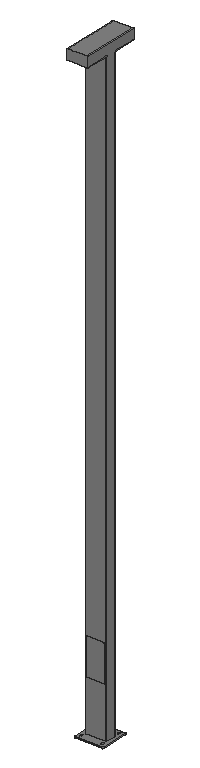
Revit family "Супремус В", category Осветительные приборы, Revit 2019 (continued)
Parameters (values of type "ДТУ121с10 Светодиодный светильник Супремус-B ДТУ-121-AF-ДТУП1212(60Вт)+ДТУП1212(60Вт)-6,0")
    11.4 209.0 206.5 203.6 200.6 197.6 194.5 191.5 188.3 185.1 181.9 178.6 175.4 171.7 167.9 164.1 160.3\r\n 157.0 153.7 150.5 147.5 144.5 141.6 138.7 135.8 133.1 130.7 128.9 127.4 126.3 124.5 122.6 120.8 119.4 117.7 115.8 113.8 111.8\r\n 109.5 107.1 104.6 102.1 99.7 97.4 95.1 92.7 90.3 87.8 85.5 83.3 81.3 79.2 77.1 75.0 73.0 71.0 69.0 67.0 65.2 63.2 61.2 59.1 57.1\r\n 55.1 53.0 51.0 49.2 47.5 46.0 44.6 43.3 42.0 40.8 39.9 39.1 38.3 37.6 37.1 36.7 36.5 36.3 36.0 35.7 35.2 34.6 34.1 33.7 33.4 33.4\r\n 33.6 34.1 33.9 32.6 31.7 30.9 30.3 29.9 29.4 28.7 28.0 27.5 27.1 26.8 26.9 27.3 28.1 28.9 30.1 32.0 34.5 37.0 39.1 40.8 41.2 42.0\r\n 42.7 42.8 42.6 41.8 41.0 40.2 39.3 38.3 37.3 36.3 35.4 35.4 35.9 35.3 34.7 33.9 33.8 33.5 33.0 32.0 31.2 29.9 28.3 26.9 25.6 24.7\r\n 23.8 23.0 22.0 21.1 20.2 19.2 18.1 16.7 14.9 13.3 12.3 11.2 10.0 8.9 8.1 7.5 6.9 6.5 6.6 6.1 5.8 5.8 5.3 5.3 4.3 3.9 3.8 3.6 3.7\r\n 3.7 3.4 3.2 2.3 2.1 1.8 0.0 0.0 0.0 0.0 0.0 0.0 0.0 0.0 0.0 0.0 0.0 0.0 0.0 0.0 0.0 0.0 0.0 0.0 0.0 0.0 0.0 0.0 0.0 0.0 0.0 0.0\r\n 0.0 0.0 0.0 0.0 0.0 0.0 0.0 0.0 0.0 0.0 0.0 0.0 0.0 0.0 0.0 0.0 0.0 0.0 0.0 0.0 0.0 0.0 0.0 0.0 0.0 0.0 0.0 0.0 0.0 0.0 0.0 0.0\r\n 0.0 0.0 0.0 0.0 0.0 0.0 0.0 0.0 0.0 0.0 0.0 0.0 0.0 0.0 0.0 0.0 0.0 0.0 0.0 0.0 0.0 0.0 0.0 0.0 0.0 0.0 0.0 0.0 0.0 0.0 0.0 0.0\r\n 0.0 0.0 0.0 0.0 0.0 0.0 0.0 0.0 0.0 0.0 0.0 0.0 0.0 0.0 0.0 0.0 0.0 0.0 0.0 0.0 0.0 0.0 0.0 0.0 0.0 0.0 0.0 0.0 0.0 0.0 0.0 0.0\r\n 0.0 0.0 0.0 0.0 0.0 0.0 0.0 0.0 0.0 0.0 0.0 0.0 0.0 0.0 0.0 0.0 0.0 0.0 0.0 0.0 0.0 0.0 0.0 0.0 0.0 0.0 0.0 0.0 0.0 0.0 0.0 0.0\r\n 0.0 0.0 0.0 0.0 0.0 0.0\r\n275.6 274.0 272.1 270.3 268.4 266.6 264.6 262.9 261.0 259.1 257.1 254.9 252.7 250.4 248.0 245.7 243.1 240.2 237.2 234.1 230.9\r\n 227.5 224.1 221.0 218.1 215.2 212.5 210.1 207.6 205.1 202.5 199.5 196.8 194.1 191.3 188.5 185.6 182.6 179.7 176.8 173.7 170.4\r\n 167.1 163.7 160.4 157.2 154.4 151.6 149.0 146.4 143.9 141.5 139.1 136.7 134.5 132.4 130.5 129.1 127.6 126.3 125.0 123.7 122.2\r\n 120.7 119.1 117.3 115.4 113.4 111.3 109.2 107.0 104.7 102.5 100.4 98.3 96.1 93.9 91.6 89.3 87.0 84.8 82.6 80.5 78.5 76.6 74.8\r\n 73.0 71.3 69.4 67.4 65.5 63.7 61.8 60.1 58.4 56.6 54.7 53.1 51.6 50.4 49.3 48.3 47.3 46.3 45.5 45.1 44.6 44.0 43.7 43.2 42.7 42.4\r\n 41.9 41.5 41.0 40.5 40.5 40.8 41.1 40.8 40.2 39.6 38.9 38.4 38.0 37.7 37.4 37.1 36.7 36.3 36.0 35.9 36.1 36.5 37.0 37.5 38.7 40.3\r\n 41.7 42.9 43.7 45.3 47.0 48.8 49.4 49.4 49.3 48.6 47.4 46.0 44.8 43.9 42.8 41.3 40.0 38.5 37.7 37.3 36.5 35.8 34.9 33.8 32.3 30.4\r\n 28.6 26.8 25.2 23.6 22.1 20.8 19.6 18.4 17.2 16.0 14.3 12.4 11.0 9.8 8.5 7.3 6.5 6.0 5.5 5.1 4.9 4.9 4.8 4.7 4.4 4.0 3.5 3.3 3.2\r\n 3.2 3.0 2.9 2.7 2.1 2.0 1.7 1.5 0.0 0.0 0.0 0.0 0.0 0.0 0.0 0.0 0.0 0.0 0.0 0.0 0.0 0.0 0.0 0.0 0.0 0.0 0.0 0.0 0.0 0.0 0.0 0.0\r\n 0.0 0.0 0.0 0.0 0.0 0.0 0.0 0.0 0.0 0.0 0.0 0.0 0.0 0.0 0.0 0.0 0.0 0.0 0.0 0.0 0.0 0.0 0.0 0.0 0.0 0.0 0.0 0.0 0.0 0.0 0.0 0.0\r\n 0.0 0.0 0.0 0.0 0.0 0.0 0.0 0.0 0.0 0.0 0.0 0.0 0.0 0.0 0.0 0.0 0.0 0.0 0.0 0.0 0.0 0.0 0.0 0.0 0.0 0.0 0.0 0.0 0.0 0.0 0.0 0.0\r\n 0.0 0.0 0.0 0.0 0.0 0.0 0.0 0.0 0.0 0.0 0.0 0.0 0.0 0.0 0.0 0.0 0.0 0.0 0.0 0.0 0.0 0.0 0.0 0.0 0.0 0.0 0.0 0.0 0.0 0.0 0.0 0.0\r\n 0.0 0.0 0.0 0.0 0.0 0.0 0.0 0.0 0.0 0.0 0.0 0.0 0.0 0.0 0.0 0.0 0.0 0.0 0.0 0.0 0.0 0.0 0.0 0.0 0.0 0.0 0.0 0.0 0.0 0.0 0.0 0.0\r\n 0.0 0.0 0.0 0.0 0.0 0.0 0.0 0.0\r\n275.6 274.1 272.5 270.6 269.1 267.3 265.5 264.1 262.1 260.4 258.7 256.7 254.6 252.5 250.2 248.0 245.9 243.5 241.0 238.4 235.6\r\n 232.7 229.7 226.6 223.5 220.5 217.8 215.0 212.3 209.8 207.4 205.1 202.8 200.4 197.9 195.4 193.0 190.5 188.1 185.7 183.1 180.5\r\n 177.9 175.1 172.5 169.8 167.1 164.3 161.6 158.9 156.3 153.9 151.7 149.6 147.9 146.2 144.6 142.7 141.1 139.4 137.8 136.4 134.8\r\n 133.4 132.3 131.1 129.6 128.1 126.7 125.0 123.3 121.8 120.0 118.2 116.4 114.5 112.6 110.8 109.1 107.4 105.8 104.2 102.6 101.0\r\n 99.4 97.8 96.1 94.5 92.6 90.8 89.1 87.3 85.7 84.1 82.3 80.6 79.0 77.5 76.1 74.8 73.5 72.4 71.5 70.4 69.1 68.2 67.1 66.2 65.2 64.3\r\n 63.5 62.8 62.0 61.3 60.8 60.4 60.2 60.0 59.7 59.5 59.3 58.8 58.6 58.4 57.8 57.2 56.7 56.2 55.7 55.2 54.5 53.9 53.3 53.0 52.7 52.5\r\n 52.5 52.4 52.3 52.4 52.9 53.4 53.9 54.8 56.1 57.5 58.5 59.5 60.3 61.2 61.2 61.1 60.8 60.0 58.4 55.4 52.5 50.2 48.1 45.9 43.5 40.9\r\n 38.5 36.2 33.8 31.6 29.6 27.6 25.6 23.7 21.8 19.9 18.4 17.0 15.5 14.0 11.9 9.9 8.8 7.7 6.9 6.1 5.5 5.1 4.7 4.5 4.7 4.7 4.3 3.7\r\n 3.3 3.0 3.2 3.0 2.7 2.4 2.0 1.9 1.6 1.4 1.3 0.0 0.0 0.0 0.0 0.0 0.0 0.0 0.0 0.0 0.0 0.0 0.0 0.0 0.0 0.0 0.0 0.0 0.0 0.0 0.0 0.0\r\n 0.0 0.0 0.0 0.0 0.0 0.0 0.0 0.0 0.0 0.0 0.0 0.0 0.0 0.0 0.0 0.0 0.0 0.0 0.0 0.0 0.0 0.0 0.0 0.0 0.0 0.0 0.0 0.0 0.0 0.0 0.0 0.0\r\n 0.0 0.0 0.0 0.0 0.0 0.0 0.0 0.0 0.0 0.0 0.0 0.0 0.0 0.0 0.0 0.0 0.0 0.0 0.0 0.0 0.0 0.0 0.0 0.0 0.0 0.0 0.0 0.0 0.0 0.0 0.0 0.0\r\n 0.0 0.0 0.0 0.0 0.0 0.0 0.0 0.0 0.0 0.0 0.0 0.0 0.0 0.0 0.0 0.0 0.0 0.0 0.0 0.0 0.0 0.0 0.0 0.0 0.0 0.0 0.0 0.0 0.0 0.0 0.0 0.0\r\n 0.0 0.0 0.0 0.0 0.0 0.0 0.0 0.0 0.0 0.0 0.0 0.0 0.0 0.0 0.0 0.0 0.0 0.0 0.0 0.0 0.0 0.0 0.0 0.0 0.0 0.0 0.0 0.0 0.0 0.0 0.0 0.0\r\n 0.0 0.0 0.0 0.0 0.0 0.0 0.0 0.0 0.0 0.0 0.0\r\n275.6 274.2 272.7 271.1 269.7 268.1 266.5 264.9 263.4 261.7 260.1 258.5 256.5 254.6 252.6 250.5 248.5 246.5 244.4 242.2 239.9\r\n 237.4 234.9 232.2 229.4 226.6 223.8 221.1 218.4 215.8 213.2 210.8 208.5 206.2 204.1 201.9 199.9 197.7 195.3 193.2 191.2 188.9\r\n 187.1 185.2 183.2 181.2 179.1 177.0 174.9 173.0 171.0 169.2 167.5 165.7 164.0 162.3 160.8 159.3 157.9 156.6 155.2 154.2 153.1\r\n 151.8 150.5 149.3 148.0 146.6 145.1 143.4 141.6 139.9 138.2 136.8 135.5 134.4 133.3 132.3 131.3 130.1 129.0 127.8 126.6 125.2\r\n 123.8 122.4 121.0 119.6 118.2 116.8 115.6 114.6 113.1 111.9 110.5 109.6 108.3 107.1 106.2 105.5 104.5 103.3 102.3 101.4 100.4\r\n 99.3 98.1 97.1 95.9 94.8 93.8 92.9 92.0 91.4 90.7 90.2 89.6 89.1 88.5 88.0 87.8 87.5 87.4 87.5 87.2 86.8 86.9 86.5 85.9 85.5 85.1\r\n 84.8 84.5 84.2 83.8 83.3 82.6 82.2 81.9 81.3 80.9 80.7 80.1 79.8 79.5 79.2 78.0 76.8 75.6 74.2 72.3 69.7 67.1 63.8 60.6 55.9 50.9\r\n 46.6 42.4 38.5 35.5 33.1 30.8 29.0 27.5 26.3 25.4 24.4 23.6 22.7 21.6 20.7 20.0 19.0 18.1 16.9 15.5 13.4 11.1 9.5 7.9 6.8 6.0 5.3\r\n 4.7 4.2 3.8 3.4 3.4 3.2 3.3 2.9 2.8 2.6 2.3 2.0 1.7 1.5 1.4 1.2 1.2 0.0 0.0 0.0 0.0 0.0 0.0 0.0 0.0 0.0 0.0 0.0 0.0 0.0 0.0 0.0\r\n 0.0 0.0 0.0 0.0 0.0 0.0 0.0 0.0 0.0 0.0 0.0 0.0 0.0 0.0 0.0 0.0 0.0 0.0 0.0 0.0 0.0 0.0 0.0 0.0 0.0 0.0 0.0 0.0 0.0 0.0 0.0 0.0\r\n 0.0 0.0 0.0 0.0 0.0 0.0 0.0 0.0 0.0 0.0 0.0 0.0 0.0 0.0 0.0 0.0 0.0 0.0 0.0 0.0 0.0 0.0 0.0 0.0 0.0 0.0 0.0 0.0 0.0 0.0 0.0 0.0\r\n 0.0 0.0 0.0 0.0 0.0 0.0 0.0 0.0 0.0 0.0 0.0 0.0 0.0 0.0 0.0 0.0 0.0 0.0 0.0 0.0 0.0 0.0 0.0 0.0 0.0 0.0 0.0 0.0 0.0 0.0 0.0 0.0\r\n 0.0 0.0 0.0 0.0 0.0 0.0 0.0 0.0 0.0 0.0 0.0 0.0 0.0 0.0 0.0 0.0 0.0 0.0 0.0 0.0 0.0 0.0 0.0 0.0 0.0 0.0 0.0 0.0 0.0 0.0 0.0 0.0\r\n 0.0 0.0 0.0 0.0 0.0 0.0 0.0 0.0 0.0 0.0 0.0 0.0 0.0 0.0 0.0 0.0 0.0\r\n275.6 274.5 273.1 271.8 270.3 269.0 267.6 266.3 264.7 263.4 261.8 260.1 258.7 257.0 255.2 253.4 251.8 249.9 247.9 246.0 244.1\r\n 242.0 239.9 237.7 235.5 233.3 231.0 228.6 226.3 223.8 221.5 219.0 216.5 214.2 211.9 209.7 207.4 205.3 203.3 201.5 199.8 198.0\r\n 196.3 194.6 193.1 191.7 190.5 189.2 188.1 187.1 186.2 185.1 183.9 182.8 181.7 180.7 179.6 178.5 177.6 176.7 175.9 174.8 174.0\r\n 173.1 172.0 170.9 169.5 168.4 166.8 165.4 164.0 162.6 161.5 160.4 159.5 158.7 157.8 156.9 156.0 155.1 154.3 153.4 152.4 151.3\r\n 150.2 149.3 148.4 147.6 146.9 146.7 145.9 145.0 144.3 143.6 142.5 141.6 141.4 140.7 139.8 138.8 137.9 137.0 135.8 134.8 133.9\r\n 133.0 132.1 131.3 130.5 129.8 129.1 128.4 127.9 127.5 127.1 126.7 126.6 126.4 126.3 126.0 125.8 125.5 125.1 125.0 124.8 124.1\r\n 123.4 122.7 122.2 121.7 121.3 121.1 120.6 120.0 119.3 118.6 118.0 117.0 115.8 114.3 112.6 110.5 107.9 104.6 100.9 97.1 93.2 89.6\r\n 85.0 79.4 74.0 69.0 63.4 56.9 50.6 45.2 40.6 37.4 35.3 33.5 32.1 30.9 30.1 29.4 28.7 27.9 26.9 25.6 24.1 22.6 20.9 19.1 17.5 16.1\r\n 14.7 13.3 11.7 10.4 9.3 7.9 6.4 5.5 4.9 4.3 3.8 3.4 3.0 2.6 2.3 2.3 2.3 2.3 2.3 2.0 1.7 1.4 1.4 1.3 1.3 1.2 1.2 0.0 0.0 0.0 0.0\r\n 0.0 0.0 0.0 0.0 0.0 0.0 0.0 0.0 0.0 0.0 0.0 0.0 0.0 0.0 0.0 0.0 0.0 0.0 0.0 0.0 0.0 0.0 0.0 0.0 0.0 0.0 0.0 0.0 0.0 0.0 0.0 0.0\r\n 0.0 0.0 0.0 0.0 0.0 0.0 0.0 0.0 0.0 0.0 0.0 0.0 0.0 0.0 0.0 0.0 0.0 0.0 0.0 0.0 0.0 0.0 0.0 0.0 0.0 0.0 0.0 0.0 0.0 0.0 0.0 0.0\r\n 0.0 0.0 0.0 0.0 0.0 0.0 0.0 0.0 0.0 0.0 0.0 0.0 0.0 0.0 0.0 0.0 0.0 0.0 0.0 0.0 0.0 0.0 0.0 0.0 0.0 0.0 0.0 0.0 0.0 0.0 0.0 0.0\r\n 0.0 0.0 0.0 0.0 0.0 0.0 0.0 0.0 0.0 0.0 0.0 0.0 0.0 0.0 0.0 0.0 0.0 0.0 0.0 0.0 0.0 0.0 0.0 0.0 0.0 0.0 0.0 0.0 0.0 0.0 0.0 0.0\r\n 0.0 0.0 0.0 0.0 0.0 0.0 0.0 0.0 0.0 0.0 0.0 0.0 0.0 0.0 0.0 0.0 0.0 0.0 0.0 0.0 0.0 0.0 0.0 0.0 0.0 0.0 0.0 0.0\r\n275.6 274.6 273.5 272.3 271.1 269.8 268.7 267.3 266.1 264.8 263.5 261.9 260.6 259.2 257.7 256.3 254.8 253.2 251.7 250.0 248.2\r\n 246.4 244.5 242.6 240.7 238.9 237.2 235.3 233.4 231.6 229.6 227.4 225.3 223.1 221.1 219.3 217.2 215.3 213.5 211.6 210.0 208.4\r\n 206.9 205.7 204.4 203.3 202.3 201.3 200.4 199.6 199.1 198.7 198.2 197.7 197.3 196.7 196.4 195.9 195.6 195.3 195.2 194.9 194.3\r\n 193.7 193.2 192.6 191.7 191.0 190.3 189.5 188.8 188.1 187.4 186.9 186.2 185.8 185.2 184.6 184.1 183.4 182.9 182.4 182.0 181.5\r\n 181.2 180.9 180.7 180.8 180.8 180.1 179.4 179.1 178.7 178.4 178.5 178.4 177.6 176.8 176.2 175.4 174.3 173.3 172.4 171.8 171.2\r\n 170.6 170.1 169.6 169.3 169.0 168.7 168.4 168.1 167.9 167.8 167.6 167.5 167.5 167.4 167.2 167.0 166.6 166.2 165.8 165.4 164.8\r\n 164.4 164.2 164.0 163.6 163.1 162.4 161.6 160.3 159.0 157.3 155.4 153.1 150.1 146.5 142.0 137.0 132.0 126.4 119.6 112.2 104.8\r\n 97.6 90.1 83.2 76.7 71.3 66.4 63.0 59.7 57.8 56.7 55.2 53.5 51.5 48.9 46.0 42.6 39.0 35.1 31.3 27.8 24.6 21.8 19.0 16.6 14.5 12.7\r\n 11.2 9.8 8.6 7.5 6.6 5.9 5.3 4.5 3.7 3.3 3.1 2.9 2.6 2.3 2.1 2.0 1.9 1.7 1.5 1.4 1.3 1.2 1.1 1.1 1.1 1.2 1.2 1.2 0.0 0.0 0.0 0.0\r\n 0.0 0.0 0.0 0.0 0.0 0.0 0.0 0.0 0.0 0.0 0.0 0.0 0.0 0.0 0.0 0.0 0.0 0.0 0.0 0.0 0.0 0.0 0.0 0.0 0.0 0.0 0.0 0.0 0.0 0.0 0.0 0.0\r\n 0.0 0.0 0.0 0.0 0.0 0.0 0.0 0.0 0.0 0.0 0.0 0.0 0.0 0.0 0.0 0.0 0.0 0.0 0.0 0.0 0.0 0.0 0.0 0.0 0.0 0.0 0.0 0.0 0.0 0.0 0.0 0.0\r\n 0.0 0.0 0.0 0.0 0.0 0.0 0.0 0.0 0.0 0.0 0.0 0.0 0.0 0.0 0.0 0.0 0.0 0.0 0.0 0.0 0.0 0.0 0.0 0.0 0.0 0.0 0.0 0.0 0.0 0.0 0.0 0.0\r\n 0.0 0.0 0.0 0.0 0.0 0.0 0.0 0.0 0.0 0.0 0.0 0.0 0.0 0.0 0.0 0.0 0.0 0.0 0.0 0.0 0.0 0.0 0.0 0.0 0.0 0.0 0.0 0.0 0.0 0.0 0.0 0.0\r\n 0.0 0.0 0.0 0.0 0.0 0.0 0.0 0.0 0.0 0.0 0.0 0.0 0.0 0.0 0.0 0.0 0.0 0.0 0.0 0.0 0.0 0.0 0.0 0.0 0.0 0.0 0.0 0.0\r\n275.6 274.9 273.9 272.9 272.0 270.8 269.8 268.8 267.7 266.6 265.4 264.1 262.9 261.6 260.3 259.1 257.8 256.6 255.2 253.9 252.5\r\n 251.0 249.6 247.9 246.4 244.8 243.2 241.7 240.0 238.2 236.9 235.3 233.9 232.6 231.1 229.8 228.3 227.1 225.6 224.3 223.0 222.0\r\n 220.7 219.7 218.6 217.8 216.9 216.0 215.4 214.7 214.0 213.5 213.1 212.6 212.3 211.7 211.4 211.3 211.2 211.1 211.0 210.8 210.8\r\n 210.8 210.7 210.7 210.6 210.8 210.8 210.8 210.9 211.1 211.3 211.4 211.5 211.5 211.5 211.4 211.4 211.5 211.7 211.9 211.9 212.1\r\n 212.3 212.6 213.2 213.5 213.4 213.3 213.4 213.4 213.8 214.1 213.9 213.2 212.9 212.5 211.9 211.5 211.3 211.1 211.0 210.9 210.9\r\n 210.9 210.8 210.8 210.8 210.8 210.9 211.0 211.0 211.1 211.3 211.7 212.3 212.9 213.3 213.6 214.1 214.4 214.6 214.7 214.8 214.7\r\n 214.4 214.2 213.8 213.2 211.9 210.0 207.8 204.8 201.7 198.5 194.3 189.5 184.1 178.3 172.2 165.8 157.9 150.2 142.1 134.7 127.3\r\n 119.8 112.4 106.8 103.0 100.5 98.7 97.7 96.6 94.1 89.8 83.3 75.8 67.4 59.0 50.9 42.7 35.4 29.7 25.2 21.8 18.9 16.4 14.1 12.1 10.4\r\n 9.0 8.0 7.0 6.3 5.6 4.9 4.2 3.7 3.4 3.2 3.1 3.0 2.6 2.3 2.1 2.0 1.8 1.6 1.4 1.2 1.1 1.1 1.1 1.1 1.1 1.1 1.2 1.2 1.2 0.0 0.0 0.0\r\n 0.0 0.0 0.0 0.0 0.0 0.0 0.0 0.0 0.0 0.0 0.0 0.0 0.0 0.0 0.0 0.0 0.0 0.0 0.0 0.0 0.0 0.0 0.0 0.0 0.0 0.0 0.0 0.0 0.0 0.0 0.0 0.0\r\n 0.0 0.0 0.0 0.0 0.0 0.0 0.0 0.0 0.0 0.0 0.0 0.0 0.0 0.0 0.0 0.0 0.0 0.0 0.0 0.0 0.0 0.0 0.0 0.0 0.0 0.0 0.0 0.0 0.0 0.0 0.0 0.0\r\n 0.0 0.0 0.0 0.0 0.0 0.0 0.0 0.0 0.0 0.0 0.0 0.0 0.0 0.0 0.0 0.0 0.0 0.0 0.0 0.0 0.0 0.0 0.0 0.0 0.0 0.0 0.0 0.0 0.0 0.0 0.0 0.0\r\n 0.0 0.0 0.0 0.0 0.0 0.0 0.0 0.0 0.0 0.0 0.0 0.0 0.0 0.0 0.0 0.0 0.0 0.0 0.0 0.0 0.0 0.0 0.0 0.0 0.0 0.0 0.0 0.0 0.0 0.0 0.0 0.0\r\n 0.0 0.0 0.0 0.0 0.0 0.0 0.0 0.0 0.0 0.0 0.0 0.0 0.0 0.0 0.0 0.0 0.0 0.0 0.0 0.0 0.0 0.0 0.0 0.0 0.0 0.0 0.0 0.0 0.0\r\n275.6 275.1 274.4 273.6 272.7 271.8 271.0 270.0 269.2 268.1 267.0 266.1 265.0 264.0 262.9 261.9 260.7 259.6 258.5 257.4 256.1\r\n 254.9 253.8 252.4 251.3 250.1 248.9 247.6 246.5 245.2 244.0 242.8 241.9 240.9 239.9 239.2 238.2 237.3 236.6 235.9 235.3 234.8\r\n 234.4 233.9 233.5 233.1 232.9 232.5 231.9 231.4 231.1 230.6 230.3 229.9 229.6 229.4 229.3 228.9 228.8 228.6 228.4 228.4 228.5\r\n 228.6 228.7 229.1 229.5 229.9 230.2 230.7 231.0 231.6 232.2 232.7 233.1 233.6 234.2 234.7 235.3 235.9 236.4 237.0 237.6 238.4\r\n 239.4 240.8 241.7 242.1 242.5 243.2 244.1 245.1 245.5 245.4 245.4 245.5 245.4 245.5 245.8 245.9 246.1 246.5 246.8 247.3 247.7\r\n 248.0 248.5 249.0 249.3 249.7 249.8 250.3 251.0 251.9 252.8 253.8 254.7 255.6 256.4 256.7 256.9 256.7 256.4 256.1 256.1 256.0\r\n 255.6 254.6 252.8 250.7 248.2 244.7 240.1 235.1 230.0 225.0 220.1 215.3 210.0 204.1 198.6 192.8 186.7 180.9 175.4 169.7 164.5\r\n 160.1 156.9 155.3 154.2 151.0 146.1 139.0 128.6 115.3 100.4 85.0 70.6 60.0 49.4 38.7 32.0 27.0 22.7 18.9 15.7 13.2 11.2 9.7 8.5\r\n 7.6 6.8 6.0 5.4 4.7 4.2 3.6 3.2 3.0 2.9 2.8 2.6 2.5 2.4 2.2 1.8 1.6 1.4 1.2 1.1 1.0 1.0 1.0 1.0 1.0 1.1 1.1 1.1 1.2 1.2 0.0 0.0\r\n 0.0 0.0 0.0 0.0 0.0 0.0 0.0 0.0 0.0 0.0 0.0 0.0 0.0 0.0 0.0 0.0 0.0 0.0 0.0 0.0 0.0 0.0 0.0 0.0 0.0 0.0 0.0 0.0 0.0 0.0 0.0 0.0\r\n 0.0 0.0 0.0 0.0 0.0 0.0 0.0 0.0 0.0 0.0 0.0 0.0 0.0 0.0 0.0 0.0 0.0 0.0 0.0 0.0 0.0 0.0 0.0 0.0 0.0 0.0 0.0 0.0 0.0 0.0 0.0 0.0\r\n 0.0 0.0 0.0 0.0 0.0 0.0 0.0 0.0 0.0 0.0 0.0 0.0 0.0 0.0 0.0 0.0 0.0 0.0 0.0 0.0 0.0 0.0 0.0 0.0 0.0 0.0 0.0 0.0 0.0 0.0 0.0 0.0\r\n 0.0 0.0 0.0 0.0 0.0 0.0 0.0 0.0 0.0 0.0 0.0 0.0 0.0 0.0 0.0 0.0 0.0 0.0 0.0 0.0 0.0 0.0 0.0 0.0 0.0 0.0 0.0 0.0 0.0 0.0 0.0 0.0\r\n 0.0 0.0 0.0 0.0 0.0 0.0 0.0 0.0 0.0 0.0 0.0 0.0 0.0 0.0 0.0 0.0 0.0 0.0 0.0 0.0 0.0 0.0 0.0 0.0 0.0 0.0 0.0 0.0 0.0 0.0\r\n275.6 275.2 274.7 274.0 273.6 272.9 272.1 271.5 270.5 269.8 269.0 268.1 267.3 266.4 265.5 264.6 263.9 262.9 261.9 260.8 259.8\r\n 258.7 257.7 256.8 255.7 254.7 253.9 252.9 252.1 251.1 250.4 249.9 249.3 248.6 248.3 247.7 247.1 246.8 246.5 246.5 246.4 246.4\r\n 246.5 246.4 246.3 246.3 246.5 246.4 246.5 246.5 246.5 246.6 246.7 246.8 247.0 247.1 247.1 247.4 247.4 247.5 247.8 248.1 248.3\r\n 248.5 249.0 249.6 250.1 250.6 251.1 251.8 252.3 252.9 253.4 254.0 254.5 255.1 255.8 256.6 257.5 258.5 259.2 260.2 261.2 262.3\r\n 263.9 265.3 266.2 267.0 268.1 269.6 270.6 271.2 271.4 271.5 271.8 272.0 272.3 272.5 273.3 274.0 274.5 275.0 275.6 276.3 276.7\r\n 277.1 277.9 278.8 279.5 280.4 281.8 283.0 284.6 286.3 287.6 289.1 290.4 291.3 291.9 291.9 291.5 291.2 290.7 290.2 289.9 289.3\r\n 288.0 285.8 283.5 280.5 276.5 272.0 267.1 262.2 257.7 253.3 249.0 244.7 240.4 236.4 232.4 227.6 223.2 219.0 215.4 211.7 207.3\r\n 203.7 200.0 195.1 188.1 178.8 166.6 151.4 132.7 113.9 95.4 80.5 67.6 54.9 43.4 33.3 26.0 20.5 16.7 13.8 11.8 10.1 8.9 7.9 7.1 6.4\r\n 5.9 5.4 5.0 4.4 3.8 3.3 3.0 2.8 2.7 2.6 2.6 2.6 2.6 2.1 1.7 1.5 1.3 1.1 1.1 1.0 1.0 1.0 1.0 1.0 1.1 1.1 1.1 1.2 1.2 0.0 0.0 0.0\r\n 0.0 0.0 0.0 0.0 0.0 0.0 0.0 0.0 0.0 0.0 0.0 0.0 0.0 0.0 0.0 0.0 0.0 0.0 0.0 0.0 0.0 0.0 0.0 0.0 0.0 0.0 0.0 0.0 0.0 0.0 0.0 0.0\r\n 0.0 0.0 0.0 0.0 0.0 0.0 0.0 0.0 0.0 0.0 0.0 0.0 0.0 0.0 0.0 0.0 0.0 0.0 0.0 0.0 0.0 0.0 0.0 0.0 0.0 0.0 0.0 0.0 0.0 0.0 0.0 0.0\r\n 0.0 0.0 0.0 0.0 0.0 0.0 0.0 0.0 0.0 0.0 0.0 0.0 0.0 0.0 0.0 0.0 0.0 0.0 0.0 0.0 0.0 0.0 0.0 0.0 0.0 0.0 0.0 0.0 0.0 0.0 0.0 0.0\r\n 0.0 0.0 0.0 0.0 0.0 0.0 0.0 0.0 0.0 0.0 0.0 0.0 0.0 0.0 0.0 0.0 0.0 0.0 0.0 0.0 0.0 0.0 0.0 0.0 0.0 0.0 0.0 0.0 0.0 0.0 0.0 0.0\r\n 0.0 0.0 0.0 0.0 0.0 0.0 0.0 0.0 0.0 0.0 0.0 0.0 0.0 0.0 0.0 0.0 0.0 0.0 0.0 0.0 0.0 0.0 0.0 0.0 0.0 0.0 0.0 0.0 0.0\r\n275.6 275.4 275.1 274.8 274.3 273.9 273.4 272.8 272.2 271.6 271.0 270.2 269.6 268.9 268.3 267.4 266.8 266.0 265.2 264.3 263.6\r\n 262.5 261.6 260.8 260.1 259.4 258.7 257.9 257.5 256.9 256.4 256.1 255.6 255.4 255.2 255.0 254.8 254.8 255.1 255.4 255.5 255.6\r
    \n 255.9 256.3 256.7 257.0 257.3 257.7 258.1 258.5 259.1 259.6 260.2 260.6 261.3 261.8 262.3 262.9 263.8 264.5 265.2 266.2 267.0\r\n 267.8 268.9 269.7 270.6 271.5 272.4 273.5 274.4 275.4 276.5 277.3 278.4 279.3 280.2 281.2 282.0 283.2 284.3 285.5 287.0 288.7\r\n 290.5 291.5 292.5 293.7 295.1 296.5 297.0 297.2 297.6 298.1 298.4 298.7 299.1 299.6 300.3 300.8 301.5 302.4 303.4 304.4 305.4\r\n 306.6 308.2 309.8 311.5 313.4 315.4 317.1 319.1 320.9 322.0 323.0 323.8 323.9 323.6 323.1 322.1 321.3 320.3 319.5 318.7 317.1\r\n 314.7 311.8 308.0 304.1 300.1 295.5 290.8 285.9 281.1 276.6 272.5 268.3 263.8 259.4 255.0 251.1 247.7 244.5 240.8 236.0 231.1\r\n 225.1 217.4 207.1 195.4 181.5 164.8 146.3 126.2 105.9 88.8 73.9 60.6 47.4 34.1 25.5 19.7 15.8 13.0 11.5 10.2 9.2 8.5 7.8 7.0 6.3\r\n 5.7 5.1 4.5 4.1 3.5 3.0 2.7 2.5 2.4 2.3 2.2 2.1 1.9 1.8 1.7 1.5 1.3 1.2 1.1 1.0 0.9 0.9 0.9 1.0 1.0 1.0 1.0 1.1 1.1 0.0 0.0 0.0\r\n 0.0 0.0 0.0 0.0 0.0 0.0 0.0 0.0 0.0 0.0 0.0 0.0 0.0 0.0 0.0 0.0 0.0 0.0 0.0 0.0 0.0 0.0 0.0 0.0 0.0 0.0 0.0 0.0 0.0 0.0 0.0 0.0\r\n 0.0 0.0 0.0 0.0 0.0 0.0 0.0 0.0 0.0 0.0 0.0 0.0 0.0 0.0 0.0 0.0 0.0 0.0 0.0 0.0 0.0 0.0 0.0 0.0 0.0 0.0 0.0 0.0 0.0 0.0 0.0 0.0\r\n 0.0 0.0 0.0 0.0 0.0 0.0 0.0 0.0 0.0 0.0 0.0 0.0 0.0 0.0 0.0 0.0 0.0 0.0 0.0 0.0 0.0 0.0 0.0 0.0 0.0 0.0 0.0 0.0 0.0 0.0 0.0 0.0\r\n 0.0 0.0 0.0 0.0 0.0 0.0 0.0 0.0 0.0 0.0 0.0 0.0 0.0 0.0 0.0 0.0 0.0 0.0 0.0 0.0 0.0 0.0 0.0 0.0 0.0 0.0 0.0 0.0 0.0 0.0 0.0 0.0\r\n 0.0 0.0 0.0 0.0 0.0 0.0 0.0 0.0 0.0 0.0 0.0 0.0 0.0 0.0 0.0 0.0 0.0 0.0 0.0 0.0 0.0 0.0 0.0 0.0 0.0 0.0 0.0 0.0 0.0\r\n275.6 275.6 275.4 275.4 275.1 275.0 274.6 274.5 274.0 273.6 273.1 272.6 272.1 271.6 271.2 270.5 269.9 269.3 268.8 268.0 267.4\r\n 266.9 266.3 265.6 265.0 264.5 264.1 263.6 263.2 263.0 262.7 262.5 262.4 262.4 262.3 262.4 262.5 262.8 263.1 263.2 263.6 264.1\r\n 264.6 265.1 265.7 266.3 266.8 267.5 268.0 268.6 269.3 270.0 270.6 271.4 272.2 272.9 274.0 274.8 275.8 276.8 277.9 279.0 280.1\r\n 281.1 282.3 283.5 284.7 286.1 287.2 288.5 289.8 291.2 292.5 294.0 295.6 296.9 298.3 299.9 301.1 302.3 303.8 305.3 307.0 309.2\r\n 310.7 312.1 313.4 315.4 317.5 318.3 318.9 319.8 320.8 321.9 322.8 323.7 324.9 326.2 327.1 328.4 329.9 331.5 333.0 334.7 336.5\r\n 338.5 340.6 342.9 345.1 347.3 349.5 351.3 352.7 353.8 354.6 355.1 355.0 354.6 353.9 353.3 352.9 352.1 350.9 350.0 348.7 346.8\r\n 343.7 340.1 336.0 332.0 328.1 323.5 318.6 314.1 309.6 304.7 300.3 295.5 290.9 286.8 283.6 281.0 278.4 276.0 271.5 265.0 257.4\r\n 247.6 235.1 220.3 205.5 189.6 171.6 151.8 130.1 108.8 90.3 73.3 59.4 45.5 31.5 24.0 18.8 15.4 13.3 11.9 10.7 9.6 8.8 7.9 7.1 6.4\r\n 5.7 5.1 4.4 3.8 3.2 2.6 2.3 2.0 2.0 2.0 2.0 2.0 1.8 1.8 1.6 1.5 1.3 1.1 1.1 1.0 0.9 0.9 0.9 0.9 0.9 0.9 1.0 1.0 1.0 0.0 0.0 0.0\r\n 0.0 0.0 0.0 0.0 0.0 0.0 0.0 0.0 0.0 0.0 0.0 0.0 0.0 0.0 0.0 0.0 0.0 0.0 0.0 0.0 0.0 0.0 0.0 0.0 0.0 0.0 0.0 0.0 0.0 0.0 0.0 0.0\r\n 0.0 0.0 0.0 0.0 0.0 0.0 0.0 0.0 0.0 0.0 0.0 0.0 0.0 0.0 0.0 0.0 0.0 0.0 0.0 0.0 0.0 0.0 0.0 0.0 0.0 0.0 0.0 0.0 0.0 0.0 0.0 0.0\r\n 0.0 0.0 0.0 0.0 0.0 0.0 0.0 0.0 0.0 0.0 0.0 0.0 0.0 0.0 0.0 0.0 0.0 0.0 0.0 0.0 0.0 0.0 0.0 0.0 0.0 0.0 0.0 0.0 0.0 0.0 0.0 0.0\r\n 0.0 0.0 0.0 0.0 0.0 0.0 0.0 0.0 0.0 0.0 0.0 0.0 0.0 0.0 0.0 0.0 0.0 0.0 0.0 0.0 0.0 0.0 0.0 0.0 0.0 0.0 0.0 0.0 0.0 0.0 0.0 0.0\r\n 0.0 0.0 0.0 0.0 0.0 0.0 0.0 0.0 0.0 0.0 0.0 0.0 0.0 0.0 0.0 0.0 0.0 0.0 0.0 0.0 0.0 0.0 0.0 0.0 0.0 0.0 0.0 0.0 0.0\r\n"
  built-in parameter 1150133 = 10 (stored number, unit not read)
  Wattage = 88.8638 W
  Материал рассеивателя = size_lookup(Таблица выбора, "M2", " ", ADSK_Артикул, ADSK_Размер_Высота)  # "Светотехнический ПК"
  built-in parameter 1150139 = (empty or 0)
  Корпус светильника = Сталь, окрашенная, темно-серая
  Рассеиватель = Белый_Светодиод
  Короб_Диаметр = 20 mm
  Климатическая зона = size_lookup(Таблица выбора, "TT", " ", ADSK_Артикул, ADSK_Размер_Высота)  # "УХЛ1"
  Класс пожароопасности = size_lookup(Таблица выбора, "F", " ", ADSK_Артикул, ADSK_Размер_Высота)  # "F (светильники предназначены для установки непосредственно на поверхность из нормально воспламеняемых материалов)"
  Класс защиты = size_lookup(Таблица выбора, "K", " ", ADSK_Артикул, ADSK_Размер_Высота)  # "1"
  built-in parameter 1150138 = (empty or 0)
  built-in parameter 1150107 = 3200 (stored number, unit not read)
  built-in parameter 1150102 = (empty or 0)
  Блок аварийного питания = no
  h_дверка = 350 mm
  S_лампа = 160 mm
  S_дверка = 178 mm
  S2_профиль = 202 mm
  S1_профиль = 102 mm
  S2_фланец = 200 mm
  S1_фланец = 280 mm
  R_фланец_скругления = 15 mm
  L_отступ до центра = 1000 mm
  L_отступ до конечной точки = 1500 mm
  L_общая рассеиватели = 550 mm
  L_лампа = 120 mm
  L_ассеиватель = 275 mm
  IP Class = size_lookup(Таблица выбора, "I", " ", ADSK_Артикул, ADSK_Размер_Высота)  # "IP 67"
  H_фланец = 10 mm
  H_конечной точки = 1500 mm
  H_дверка = 505 mm
  D_фланец_отверстия = 24 mm
  ADSK_Энергоэффективность = size_lookup(Таблица выбора, "E", 0 lm/W, ADSK_Артикул, ADSK_Размер_Высота)  # 110 lm/W
  ADSK_Фактическая мощность = size_lookup(Таблица выбора, "EF", 0 W, ADSK_Артикул, ADSK_Размер_Высота)  # 119.4 W
  ADSK_Ток = 0 A
  ADSK_Размер_Высота = 6000 mm
  ADSK_Примечание = ""
  ADSK_Полная мощность = 0 VA
  ADSK_Позиция = ""
  ADSK_Номинальная мощность = size_lookup(Таблица выбора, "ER", 0 W, ADSK_Артикул, ADSK_Размер_Высота)  # 120 W
  ADSK_Напряжение = 220 V  # constant formula
  ADSK_Наименование = size_lookup(Таблица выбора, "N", " ", ADSK_Артикул, ADSK_Размер_Высота)  # "ДТУ121с10 Светодиодный светильник Супремус-B ДТУ-121-AF-ДТУП1212(60Вт)+ДТУП1212(60Вт)-6.0"
  ADSK_Модель = size_lookup(Таблица выбора, "M", " ", ADSK_Артикул, ADSK_Размер_Высота)  # "Супремус-B ДТУ-121-AF"
  ADSK_Масса_Текст = size_lookup(Таблица выбора, "M1", " ", ADSK_Артикул, ADSK_Размер_Высота)  # "127"
  ADSK_Масса = size_lookup(Таблица выбора, "MAS", 0, ADSK_Артикул, ADSK_Размер_Высота)  # 127
  ADSK_Коэффициент мощности = 0
  ADSK_Количество фаз числовое = 0
  ADSK_Количество фаз = 2  # constant formula
  ADSK_Код изделия = ""
  ADSK_Классификация нагрузок [instance] = Освещение
  ADSK_Завод-изготовитель = "ALFRESCO"  # constant formula
  ADSK_Единица измерения = "шт."  # constant formula
  ADSK_Артикул = "ДТУ121с10"
  ADSK_URL страницы изделия = "https://www.allfresco.ru/catalog/dekorativnoe_ulichnoe_osveshchenie/skaylayn/"
  2 = yes
Reference planes
  plane 1 "По центру (Вперед/Назад)": y = 0
  plane 2: z = 0
  plane 3 "По центру (Влево/Вправо)": x = 0
  plane 4: y = 140
  plane 5: y = -140
  plane 6: x = -140
  plane 7: x = 140
  plane 8: x = -100
  plane 9: x = 100
  plane 10: y = 100
  plane 11: y = -100
  plane 12: z = 10
  plane 13: z = 6000
  plane 14: z = 5949
  plane 15: z = 5898
  plane 16: x = -101
  plane 17: x = 101
  plane 18: y = 51
  plane 19: y = -51
  plane 20: y = -275
  plane 21: z = 505
  plane 22: z = 855
  plane 23: x = -89
  plane 24: x = 89
  plane 25: y = 275
Forms (mm)
  Extrusion 1, solid, material "Сталь, окрашенная, темно-серая" <- "Корпус светильника", detail levels medium+fine
    sketch origin (0, 0, 0) x (1, 0, 0) y (0, 1, 0)
      loop
        arc (-125, 140) -> (-135.607, 135.607) -> (-140, 125) r 15
        line (-140, 125) -> (-140, -125)
        arc (-140, -125) -> (-135.607, -135.607) -> (-125, -140) r 15
        line (-125, -140) -> (125, -140)
        arc (125, -140) -> (135.607, -135.607) -> (140, -125) r 15
        line (140, -125) -> (140, 125)
        arc (140, 125) -> (135.607, 135.607) -> (125, 140) r 15
        line (125, 140) -> (-125, 140)
      loop
        circle (-100, 100) r 12
      loop
        circle (100, 100) r 12
      loop
        circle (100, -100) r 12
      loop
        circle (-100, -100) r 12
    from 0 to 10
  Sweep 2, solid, material "Сталь, окрашенная, темно-серая" <- "Корпус светильника", detail levels medium+fine
    path origin (0, 0, 0) x (1, 0, 0) y (0, 0, 1)
      loop
        line (0, 10) -> (0, 5949)
    profile "Профиль_профтруба : Профиль_профтруба" origin (0, 0, 2979.5) x (-1, 0, 0) y (0, -1, 0)
      loop
        arc (-95, 51) -> (-99.243, 49.243) -> (-101, 45) r 6
        line (-101, 45) -> (-101, -45)
        arc (-101, -45) -> (-99.243, -49.243) -> (-95, -51) r 6
        line (-95, -51) -> (95, -51)
        arc (95, -51) -> (99.243, -49.243) -> (101, -45) r 6
        line (101, -45) -> (101, 45)
        arc (101, 45) -> (99.243, 49.243) -> (95, 51) r 6
        line (95, 51) -> (-95, 51)
  Sweep 3, solid, material "Сталь, окрашенная, темно-серая" <- "Корпус светильника", detail levels medium+fine
    path origin (0, 0, 0) x (0, 1, 0) y (0, 0, 1)
      loop
        line (-275, 5949) -> (275, 5949)
    profile "Профиль_профтруба : Профиль_профтруба" origin (0, 0, 5949) x (0, 0, 1) y (1, 0, 0)
      loop
        arc (-51, -95) -> (-49.243, -99.243) -> (-45, -101) r 6
        line (-45, -101) -> (45, -101)
        arc (45, -101) -> (49.243, -99.243) -> (51, -95) r 6
        line (51, -95) -> (51, 95)
        arc (51, 95) -> (49.243, 99.243) -> (45, 101) r 6
        line (45, 101) -> (-45, 101)
        arc (-45, 101) -> (-49.243, 99.243) -> (-51, 95) r 6
        line (-51, 95) -> (-51, -95)
  Extrusion 4, solid, material "Сталь, окрашенная, темно-серая" <- "Корпус светильника", detail levels medium+fine
    sketch origin (0, 0, 0) x (1, 0, 0) y (0, 0, 1)
      loop
        arc (-84, 855) -> (-87.536, 853.536) -> (-89, 850) r 5
        line (-89, 850) -> (-89, 510)
        arc (-89, 510) -> (-87.536, 506.464) -> (-84, 505) r 5
        line (-84, 505) -> (84, 505)
        arc (84, 505) -> (87.536, 506.464) -> (89, 510) r 5
        line (89, 510) -> (89, 850)
        arc (89, 850) -> (87.536, 853.536) -> (84, 855) r 5
        line (84, 855) -> (-84, 855)
    from 51 to 54
  Extrusion 5, solid, material "Белый_Светодиод" <- "Рассеиватель", detail levels medium+fine
    sketch origin (-95, -272.164, 5898) x (1, 0, 0) y (0, -1, 0)
      loop
        line (15, -27.164) -> (15, -147.164) -> (175, -147.164) -> (175, -27.164) -> (15, -27.164)
    from 0 to 6
  Extrusion 6, solid, material "Белый_Светодиод" <- "Рассеиватель", visible <- "2", detail levels medium+fine
    sketch origin (-70, -4066.066, 5898) x (1, 0, 0) y (0, -1, 0)
      loop
        line (-10, -4191.066) -> (-10, -4311.066) -> (150, -4311.066) -> (150, -4191.066) -> (-10, -4191.066)
    from 0 to 6
Cuts and joins
  joined: Sweep 2, Sweep 3
Lines and regions (mm)
  model lines, detail levels coarse
    curve 1: line (0, 140, 0) -> (0, -140, 0)
    curve 2: line (0, 0, 0) -> (0, 0, 5949)
    curve 3: line (0, 0, 5949) -> (0, -275, 5949)
  model lines, visible <- "2", detail levels coarse
    curve 4: line (0, 0, 5949) -> (0, 275, 5949)
Dimensions and locks
  equal spacing: plane 6, plane 3 "По центру (Влево/Вправо)", plane 7
  "S1_фланец": plane 6 to plane 7
  equal spacing: plane 4, plane 1 "По центру (Вперед/Назад)", plane 5
  "S1_фланец": plane 4 to plane 5
  equal spacing: plane 8, plane 3 "По центру (Влево/Вправо)", plane 9
  "S2_фланец": plane 8 to plane 9
  equal spacing: plane 10, plane 1 "По центру (Вперед/Назад)", plane 11
  "S2_фланец": plane 10 to plane 11
  "H_фланец": plane 12 to plane 2
  "ADSK_Размер_Высота": plane 13 to plane 2
  equal spacing: plane 13, plane 14, plane 15
  "S1_профиль": plane 13 to plane 15
  equal spacing: plane 17, plane 3 "По центру (Влево/Вправо)", plane 16
  "S2_профиль": plane 17 to plane 16
  equal spacing: plane 18, plane 1 "По центру (Вперед/Назад)", plane 19
  "S1_профиль": plane 18 to plane 19
  "L_ассеиватель": plane 1 "По центру (Вперед/Назад)" to plane 20
  "L_общая рассеиватели": Sweep 3 sketch curve to Sweep 3 sketch curve
  "H_дверка": plane 21 to plane 2
  "h_дверка": plane 22 to plane 21
  equal spacing: plane 24, plane 3 "По центру (Влево/Вправо)", plane 23
  "S_дверка": plane 24 to plane 23
  equal spacing: Extrusion 5 sketch curve, plane 3 "По центру (Влево/Вправо)", Extrusion 5 sketch curve
  "S_лампа": Extrusion 5 sketch curve to Extrusion 5 sketch curve
  "L_лампа": Extrusion 5 sketch curve to Extrusion 5 sketch curve
  Extrusion 6 sketch curve to Extrusion 6 sketch curve = 160 mm
  "S_лампа": Extrusion 6 sketch curve to Extrusion 6 sketch curve
  "L_лампа": Extrusion 6 sketch curve to Extrusion 6 sketch curve
  equal spacing: Extrusion 6 sketch curve, plane 3 "По центру (Влево/Вправо)", Extrusion 6 sketch curve
  cut or joined group of Sweep 2, Sweep 3 to Extrusion 6 sketch curve = 30 mm
  "L_ассеиватель": plane 25 to plane 1 "По центру (Вперед/Назад)"
  "D_фланец_отверстия": diameter of Extrusion 1 sketch curve  (x4)
  "R_фланец_скругления": radius of Extrusion 1 sketch curve  (x4)
  aligned and locked: level to plane 2
  aligned and locked: Extrusion 1 sketch curve to plane 4
  aligned and locked: plane 6 to Extrusion 1 sketch curve
  aligned and locked: plane 5 to Extrusion 1 sketch curve
  aligned and locked: Extrusion 1 sketch curve to plane 7
  aligned and locked: plane 8 to Extrusion 1 sketch curve  (x2)
  aligned and locked: plane 10 to Extrusion 1 sketch curve  (x2)
  aligned and locked: plane 9 to Extrusion 1 sketch curve  (x2)
  aligned and locked: plane 11 to Extrusion 1 sketch curve  (x2)
  aligned and locked: Extrusion 1 to plane 2
  aligned and locked: plane 12 to Extrusion 1
  aligned and locked: plane 3 "По центру (Влево/Вправо)" to Sweep 2 sketch curve
  aligned and locked: plane 12 to Sweep 2 sketch curve
  aligned and locked: plane 14 to Sweep 3 sketch curve
  aligned and locked: plane 20 to Sweep 3 sketch curve
  aligned and locked: plane 14 to Sweep 2 sketch curve
  aligned and locked: Extrusion 4 sketch curve to plane 22
  aligned and locked: plane 23 to Extrusion 4 sketch curve
  aligned and locked: plane 21 to Extrusion 4 sketch curve
  aligned and locked: Extrusion 4 sketch curve to plane 24
  aligned and locked: plane 19 to Extrusion 4
  aligned and locked: plane 1 "По центру (Вперед/Назад)" to curve 2
  aligned and locked: plane 4 to curve 1
  aligned and locked: plane 5 to curve 1
  aligned and locked: curve 1 to plane 2
  aligned and locked: plane 2 to curve 2
  aligned and locked: curve 3 to plane 14
  aligned and locked: plane 20 to curve 3
  aligned and locked: plane 1 "По центру (Вперед/Назад)" to curve 4
  aligned and locked: plane 14 to curve 4
  aligned and locked: plane 25 to curve 4
  aligned and locked: plane 15 to imposter light
  aligned and locked: imposter light to plane 3 "По центру (Влево/Вправо)"
  aligned and locked: plane 20 to imposter light
  aligned and locked: plane 3 "По центру (Влево/Вправо)" to nested 1
  aligned and locked: plane 1 "По центру (Вперед/Назад)" to nested 1
